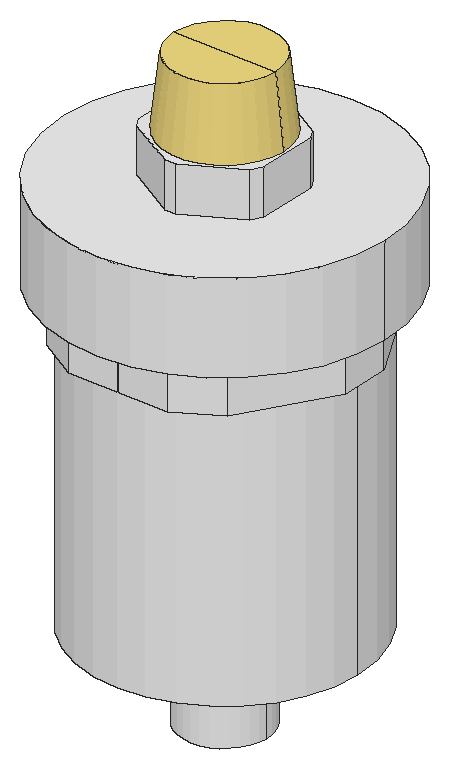
Revit family "1", category Pipe Accessories, Revit 2018
Family settings
  Round Connector Dimension = Use Diameter
  Part Type = Normal
  OmniClass Number = 23.65.00.00
  OmniClass Title = Supply and Distribution of Liquids and Gases
  Work Plane-Based = No
  Always vertical = No
  Cut with Voids When Loaded = No
  Shared = No
Parameters (values of type "3/8" Chrome plated")
  Youtube clip = ""
  Weight Net (Kg) = ""
  Uniformat II Description = "HVAC"  # constant formula
  Uniformat II Code = "D30"  # constant formula
  Uniclass 2015 Name = "Heating, cooling and refrigeration systems"  # constant formula
  Uniclass 2015 Code = "Ss_60"  # constant formula
  Uniclass 2.0 Description = "Automatic Air Vents"  # constant formula
  Uniclass 2.0 Code = "PR-55-34-05"  # constant formula
  Uniclass 1.4 Description = "Heating systems"  # constant formula
  Uniclass 1.4 Code = "JT10"  # constant formula
  URL = "www.pintossi.it"
  UNSPSC Code = "401446"  # constant formula
  Technical description = ""
  Region South America = "All"  # constant formula
  Region Oceania = "All"  # constant formula
  Region North America = "All"  # constant formula
  Region Middle East = "All"  # constant formula
  Region Europe = "All"  # constant formula
  Region Asia = "All"  # constant formula
  Region Antarctica = "All"  # constant formula
  Region Africa = "All"  # constant formula
  Radius [instance] = [Inlet/Outlet Diameter] / 2  # 4.75 mm
  QR code = "https://www.bimobject.com/pintossi/product/507s-solar-automatic-air-vent"  # constant formula
  Product url = ""
  Product group = "AUTOMATIC AIR VENTS"  # constant formula
  Product family = "COMPONENTS-FOR-CENTRAL-HEATING-SYSTEMS"  # constant formula
  Product data url = "https://www.bimobject.com/pintossi/product/507s-solar-automatic-air-vent"
  Product certification = ""
  Product SKU = "507s-SOLAR-AUTOMATIC-AIR-VENT"  # constant formula
  Product Guid = "03bc813f-47be-4a76-97fc-87102a4a67a3"  # constant formula
  PH: = "Between 7 and 8"  # constant formula
  Overall Height [instance] = 67.5 mm
  OmniClass Description = "Valves"  # constant formula
  OmniClass Code = "23-27 31 00"  # constant formula
  NBS Reference Description = "Automatic Air Vents"  # constant formula
  NBS Reference Code = "55-34-05"  # constant formula
  Model = "507s SOLAR AUTOMATIC AIR VENT"  # constant formula
  Maximum working temperature = 160 °C  # constant formula
  Maximum working pressure = 600000.0 Pa  # constant formula
  Maximum percentage of glycol [%] = 50  # constant formula
  Maximum discharge pressure = 0.0 Pa
  Material secondary = ""
  Material main = "Brass"  # constant formula
  Material Polimer = Pintossi - Plastic - Yellow ABS
  Material Gaskets = Pintossi - Rubber - NBR
  Material Body = Pintossi - Metal - Chrome
  Masterformat 2014 Description = "Ventilating, and Air contitioning (HVAC)"  # constant formula
  Masterformat 2014 Code = "23 00 00"  # constant formula
  Mass = 0.00 kg
  Manufacturer country = "Italy"  # constant formula
  Manufacturer = "pintossi+C"  # constant formula
  Iron (FE): = "< 0,5 mg/kg (< 0,1 mg/kg for steam)"  # constant formula
  Installation instructions = ""
  Inlet/Outlet Diameter = 9.5 mm
  IFC Classification = "Valve"  # constant formula
  Gasket radius [instance] = Radius + 0.5 mm  # 5.25 mm
  Fluid aspect: = "Limpid"  # constant formula
  Edition number = 0
  EAN code = ""
  Design country = "Italy"  # constant formula
  Description = "Pintossi+C SOLAR automatic air vents have the function of automatically eliminating the air that can build up inside a solar heating system."  # constant formula
  Date of publishing = ""
  Copper (CU): = "< 0,1 mg/kg (< 0,05 mg/kg for steam)"  # constant formula
  Thread Length [instance] = 10 mm
  Overall Diameter [instance] = 36.044 mm
  Conditioning: = "as indicated by the producer"  # constant formula
  Height [instance] = Overall Height - Thread Length  # 57.5 mm
  COBIe Type Category = ""
  Brand url = "www.pintossi.it"
  BIMobject category = "HVAC:Solar Heating"  # constant formula
  Application fluids = "Water or glycol solutions"  # constant formula
  Antifreeze: = "Passiveted Propylene Glycol"  # constant formula
Reference planes
  plane 1 "Center (Front/Back)": y = 0
  plane 2: z = 0
  plane 3 "Center (Left/Right)": x = 0
  plane 4: z = 57.5
Forms (mm)
  Extrusion 1, solid, material "Pintossi - Metal - Chrome" <- "Material Body", detail levels fine
    sketch origin (0, 0, 0) x (1, 0, 0) y (0, 1, 0)
      loop
        line (-0.62, 7.725) -> (-6.38, 4.399) -> (-7, 3.326) -> (-7, -3.326) -> (-6.38, -4.399) -> (-0.62, -7.725) -> (0.62, -7.725) -> (6.38, -4.399) -> (7, -3.326) -> (7, 3.326) -> (6.38, 4.399) -> (0.62, 7.725) -> (-0.62, 7.725)
    from 44.8 to 49.8
  Extrusion 2, solid, material "Pintossi - Metal - Chrome" <- "Material Body", detail levels fine
    sketch origin (0, 0, 0) x (1, 0, 0) y (0, 1, 0)
      loop
        circle (0, 0) r 18.022
    from 34.8 to 44.8
  Revolve 3, solid, material "Pintossi - Plastic - Yellow ABS" <- "Material Polimer", detail levels fine
    sketch origin (0, 0, -3.396) x (1, 0, 0) y (0, 0, 1)
      loop
        line (0, 60.896) -> (0, 53.196) -> (6.627, 53.196) -> (5.685, 60.896) -> (0, 60.896)
      axis (0, 53.196) -> (0, 60.896)
    angle from 0 to 360
  Revolve 4, solid, material "Pintossi - Metal - Chrome" <- "Material Body", detail levels fine
    sketch origin (0, 0, 0) x (1, 0, 0) y (0, 0, 1)
      loop
        line (0, 0) -> (15, 0) -> (15, 34.8) -> (0, 34.8) -> (0, 0)
      axis (0, 0) -> (0, 34.8)
    angle from 0 to 360
  Extrusion 5, solid, material "Pintossi - Metal - Chrome" <- "Material Body", detail levels fine
    sketch origin (0, 0, 0) x (1, 0, 0) y (0, 1, 0)
      loop
        line (-15.774, 2.678) -> (-15.774, -2.678) -> (-10.206, -12.322) -> (-5.568, -15) -> (5.568, -15) -> (10.206, -12.322) -> (15.774, -2.678) -> (15.774, 2.678) -> (10.206, 12.322) -> (5.568, 15) -> (-5.568, 15) -> (-10.206, 12.322) -> (-15.774, 2.678)
    from 29.807 to 34.8
  Revolve 6, solid, material "Pintossi - Rubber - NBR" <- "Material Gaskets", detail levels fine
    sketch origin (0, 0, 0) x (1, 0, 0) y (0, 0, 1)
      loop
        line (0, -0.1) -> (0, -1.88) -> (5.25, -1.88) -> (5.25, -0.1) -> (0, -0.1)
      axis (0, -1.88) -> (0, -0.1)
    angle from 0 to 360
  Revolve 7, solid, material "Pintossi - Metal - Chrome" <- "Material Body", detail levels fine
    sketch origin (0, 0, 0) x (1, 0, 0) y (0, 0, 1)
      loop
        line (0, 0) -> (0, -10) -> (4.75, -10) -> (4.75, 0) -> (0, 0)
      axis (0, -10) -> (0, 0)
    angle from 0 to 360
Lines and regions (mm)
  model lines, detail levels coarse+medium
    curve 1: line (0, 0, 0) -> (0, 0, 57.3)
    curve 2: line (0, 0, 57.3) -> (0, -6.892, 46.993)
    curve 3: circle (0, -9.899, 42.998) r 5 normal (1, 0, 0)
  symbolic lines
    curve 4: line (0, -0.625, 0) -> (0, 64.375, 0)
    curve 5: line (0, 64.375, 0) -> (12.069, 52.306, 0)
    curve 6: circle (15.605, 48.77, 0) r 5 normal (0, 0, 1)
Dimensions and locks
  "Radius": Revolve 7 sketch curve to Revolve 7 sketch curve
  "Gasket radius": Revolve 6 sketch curve to Revolve 6 sketch curve
  Extrusion 5 to level = 29.807 mm
  locked: plane 4 to Extrusion 1 at 12.7
  locked: plane 4 to Extrusion 2 at 22.7
  plane 4 to Extrusion 5 = 27.693 mm
  "Height": plane 4 to plane 2
  locked: Revolve 3 to Revolve 3 at 7.7
  locked: plane 4 to Extrusion 1 at 7.7
  locked: plane 4 to Extrusion 2 at 12.7
  locked: plane 4 to Extrusion 5 at 22.7
  locked: plane 4 to Extrusion 5 at 27.693
  locked: plane 4 to Revolve 4 at 22.7
  aligned and locked: level to plane 2
  aligned and locked: Revolve 3 to plane 4
Automatic sketch dimensions
  Extrusion 1 sketch curve to plane 1 "Center (Front/Back)" = 3.326 mm  (x2)
  Extrusion 1 sketch curve to plane 3 "Center (Left/Right)" = 7 mm
  Extrusion 1 sketch curve to Extrusion 1 sketch curve = 0.62 mm  (x3)
  Extrusion 1 sketch curve to plane 3 "Center (Left/Right)" = 0.62 mm  (x2)
  plane 3 "Center (Left/Right)" to Extrusion 1 sketch curve = 0.62 mm  (x2)
  plane 3 "Center (Left/Right)" to Extrusion 1 sketch curve = 6.38 mm  (x2)
  plane 1 "Center (Front/Back)" to Extrusion 1 sketch curve = 3.326 mm  (x2)
  Extrusion 1 sketch curve to Extrusion 1 sketch curve = 1.073 mm  (x4)
  Extrusion 1 sketch curve to Extrusion 1 sketch curve = 3.326 mm  (x2)
  Revolve 3 sketch curve to plane 3 "Center (Left/Right)" = 0 mm  (x2)
  plane 3 "Center (Left/Right)" to Revolve 3 sketch curve = 5.685 mm
  plane 3 "Center (Left/Right)" to Revolve 3 sketch curve = 6.627 mm
  level to Revolve 3 sketch curve = 49.8 mm
  Revolve 3 sketch curve to Revolve 3 sketch curve = 7.7 mm
  Revolve 3 sketch curve to Revolve 3 sketch curve = 3.396 mm  (x2)
  Revolve 4 sketch curve to level = 0 mm  (x2)
  Revolve 4 sketch curve to plane 3 "Center (Left/Right)" = 0 mm  (x2)
  plane 3 "Center (Left/Right)" to Revolve 4 sketch curve = 15 mm
  level to Revolve 4 sketch curve = 34.8 mm
  Revolve 4 sketch curve to Revolve 4 sketch curve = 3.728 mm
  Extrusion 5 sketch curve to plane 1 "Center (Front/Back)" = 2.678 mm  (x2)
  Extrusion 5 sketch curve to plane 3 "Center (Left/Right)" = 15.774 mm
  Extrusion 5 sketch curve to plane 3 "Center (Left/Right)" = 10.206 mm  (x2)
  Extrusion 5 sketch curve to Extrusion 5 sketch curve = 4.639 mm  (x4)
  plane 3 "Center (Left/Right)" to Extrusion 5 sketch curve = 5.568 mm  (x2)
  plane 1 "Center (Front/Back)" to Extrusion 5 sketch curve = 2.678 mm  (x2)
  Extrusion 5 sketch curve to Extrusion 5 sketch curve = 5.568 mm
  plane 1 "Center (Front/Back)" to Extrusion 5 sketch curve = 12.322 mm
  Extrusion 5 sketch curve to Extrusion 5 sketch curve = 9.644 mm  (x3)
  Extrusion 5 sketch curve to Extrusion 5 sketch curve = 2.678 mm  (x2)
  plane 1 "Center (Front/Back)" to Extrusion 2 sketch curve = 0 mm
  Extrusion 2 sketch curve to plane 3 "Center (Left/Right)" = 0 mm
  curve 2 to plane 1 "Center (Front/Back)" = 0 mm
  curve 1 to level = 0 mm
  plane 1 "Center (Front/Back)" to curve 3 = 9.899 mm
  plane 4 to curve 3 = 14.502 mm
  plane 4 to curve 2 = 0.2 mm
  curve 3 to curve 2 = 3.007 mm
  curve 3 to curve 2 = 3.995 mm
  curve 4 to plane 3 "Center (Left/Right)" = 0 mm
  plane 3 "Center (Left/Right)" to curve 6 = 15.605 mm
  curve 6 to plane 1 "Center (Front/Back)" = 48.77 mm
  curve 6 to curve 5 = 15.605 mm
  curve 5 to curve 6 = 3.536 mm
  plane 1 "Center (Front/Back)" to curve 4 = 0.625 mm
  curve 6 to curve 5 = 3.536 mm
  Revolve 6 sketch curve to plane 3 "Center (Left/Right)" = 0 mm  (x2)
  Revolve 6 sketch curve to level = 1.88 mm
  Revolve 6 sketch curve to level = 0.1 mm
  Revolve 6 sketch curve to Revolve 6 sketch curve = 0 mm  (x2)
  Revolve 7 sketch curve to level = 0 mm  (x2)
  Revolve 7 sketch curve to plane 3 "Center (Left/Right)" = 0 mm  (x2)
  Revolve 7 sketch curve to level = 10 mm
  Revolve 7 sketch curve to Revolve 7 sketch curve = 0 mm
  radius of Extrusion 2 sketch curve = 18.022 mm
Connectors
  piping at (0, 0, -10), diameter 9.5, driven by "Inlet/Outlet Diameter"
    settings: on Revolve 7, index 1, connector inside diameter 609.6 mm, connector length 0 mm, flow factor 0, pipe flow 0.0 L/s, pressure drop 0.0 Pa, fitting loss kfactor 0, connector angle 0.00°, fixture units 0, engagement length 0 mm, angle of deflection 0.00°, flow configuration 0, flow direction 0, fitting loss method 0, system type 29, joint type 0, gender type 0, connector reference index -1, connector utility 0, adjustable connector no, is connector primary yes, connector description ""
